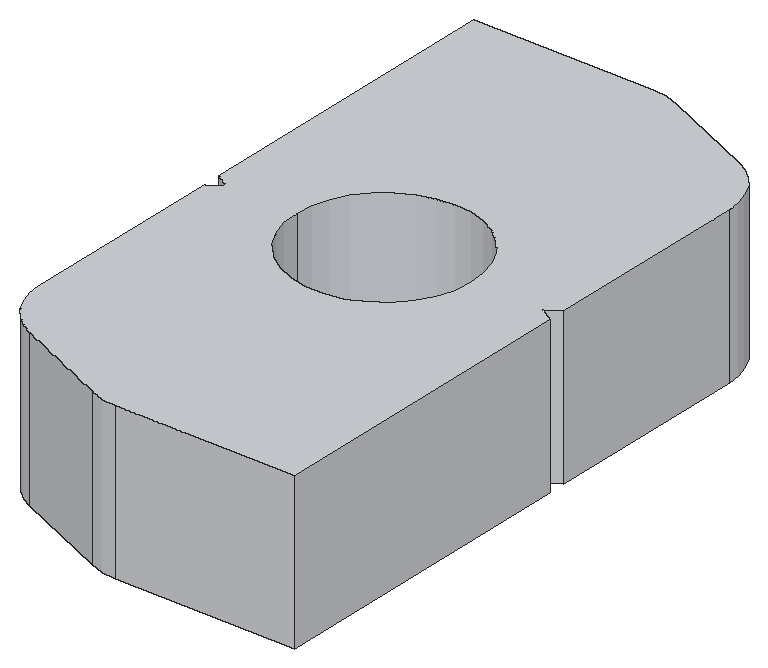
Revit family "Stex 45 MP-S", category HLS-Bauteile, Revit 2023
Family settings
  Bemaßung runder Anschluss = Durchmesser verwenden
  Klassifizierung = Keine
  Teiletyp = Normal
  Arbeitsebenenbasiert = Ja
  Immer vertikal = Nein
  Beim Laden mit Abzugskörper schneiden = Nein
  Beschriftungsausrichtung beibehalten = Nein
  Gemeinsam genutzt = Ja
  Raumberechnungspunkt = Nein
Parameters (values of type "Stex 45 MP-S M12")
  vpe = "50"
  Zahnplatte = Zahnplatte S : Zahnplatte S M12
  Default Elevation = 1219.2 mm
  Regelhalter [instance] = ""
  Profiltyp = "45"
  Profil = "C-Profil"
  Mengeneinheit = "St"
  Materialname = "S235"
  Material = "Stahl"
  Länge = 38 mm
  Kurztext2 = "M12 ZnNi"
  Kurztext1 = "Stex 45 Montageplatte MP-S "
  Gewinde = "M12"
  Gewicht pro Bauteil = Gewicht  # 0.0422 kg
  Gewicht = 0.0422 kg
  Form = "einschwenkbar"
  Fabrikat = "MEFA"
  EAN = "4250928466594"
  Breite = 62 mm
  Artikelnummer = "0818106"
Types (4, lengths in mm): name | Zahnplatte | Kurztext2 | Gewinde | Gewicht pro Bauteil | Gewicht | EAN | Artikelnummer
  (no name) | Zahnplatte S : Zahnplatte S M10 | "M10 ZnNi" | "M10" | 0.0445 kg | 0.0445 kg | "4250928466587" | "0818105"
  Stex 45 MP-S M12 | Zahnplatte S : Zahnplatte S M12 | "M12 ZnNi" | "M12" | 0.0422 kg | 0.0422 kg | "4250928466594" | "0818106"
  Stex 45 MP-S M10 | Zahnplatte S : Zahnplatte S M10 | "M10 ZnNi" | "M10" | 0.0445 kg | 0.0445 kg | "4250928466587" | "0818105"
  Stex 45 MP-S M8 | Zahnplatte S : Zahnplatte S M 8 | "M8 ZnNi" | "M8" | 0.0462 kg | 0.0462 kg | "4250928466570" | "0818104"
Reference planes
  plane 1 "Mitte (Vorne/hinten)": y = 0
  plane 2: z = 0
  plane 3 "Mitte (Links/rechts)": x = 0
Dimensions and locks
  aligned and locked: level to plane 2
  aligned and locked: nested 2 to nested 1
Nested families
  nested 1: "Halteteil Stex MP-S" at (0, 0, -15.3), type "Halteteil Stex MP-S"
    with Regelhalter ""
  nested 2: "Zahnplatte S" at (0, 0, -15.3), type <- "Zahnplatte", type "Zahnplatte S M12"
    with Regelhalter ""
Definition of nested family "Zahnplatte S"
  Parameters (values of type "Zahnplatte S M 8")
    vpe = "100"
    d2 = 3.3 mm
    Default Elevation = 1219.2 mm
    Stärke Material = 8 mm
    Schienenbreite = "45 mm"
    S = 9 mm
    Regelhalter [instance] = ""
    Profiltyp = "45"
    Profil = "C-Profil"
    Oberflaeche = "galvanisch verzinkt"
    Mengeneinheit = "St"
    Materialname = "S235"
    Material = "Stahl"
    Länge = 36 mm
    Kurztext2 = "M8 36 x 20 mm gvz"
    Kurztext1 = "Zahnplatte S"
    Gewinde = "M8"
    Gewicht pro Bauteil = Gewicht  # 0.0453 kg
    Gewicht = 0.0453 kg
    Form = "einschwenkbar"
    Firma = "MEFA Befestigungs- und Montagesysteme GmbH"
    Fabrikat = "MEFA"
    EAN = "4250928466600"
    Breite = 20 mm
    B = 38 mm
    Artikelnummer = "081810102"
    Abmessung = "36 x 20 x 9 mm"
  Types (3, lengths in mm): name | d2 | Kurztext2 | Gewinde | Gewicht pro Bauteil | Gewicht | EAN | Artikelnummer
    Zahnplatte S M10 | 4.2 | "M10 36 x 20 mm gvz" | "M10" | 0.0438 kg | 0.0438 kg | "4250928466617" | "081810202"
    Zahnplatte S M 8 | 3.3 | "M8 36 x 20 mm gvz" | "M8" | 0.0453 kg | 0.0453 kg | "4250928466600" | "081810102"
    Zahnplatte S M12 | 5.1 | "M12 36 x 20 mm gvz" | "M12" | 0.0404 kg | 0.0404 kg | "4250928466624" | "081810302"
  Reference planes
    plane 1 "Mitte (Vorne/hinten)": y = 0
    plane 2: z = 0
    plane 3 "Mitte (Links/rechts)": x = 0
    plane 4: z = 12
  Forms (mm)
    Extrusion 1, solid
      sketch origin (-17.5, 0, 0) x (1, 0, 0) y (0, 1, 0)
        loop
          line (17.864, 19) -> (7.5, 19) -> (7.5, 0.5) -> (8.3, 0) -> (7.5, -0.5) -> (7.5, -12.538)
          arc (7.5, -12.538) -> (8.153, -14.728) -> (9.899, -16.203) r 4
          line (9.899, -16.203) -> (15.534, -18.665)
          arc (15.534, -18.665) -> (16.318, -18.915) -> (17.136, -19) r 4
          line (17.136, -19) -> (27.5, -19) -> (27.5, -0.5) -> (26.7, 0) -> (27.5, 0.5) -> (27.5, 12.538)
          arc (27.5, 12.538) -> (26.847, 14.728) -> (25.101, 16.203) r 4
          line (25.101, 16.203) -> (19.466, 18.665)
          arc (19.466, 18.665) -> (18.682, 18.915) -> (17.864, 19) r 4
      from 0 to 9
    Extrusion 2, void
      sketch origin (0, 0, 0) x (1, 0, 0) y (0, 1, 0)
        loop
          circle (0, 0) r 3.3
      from -50 to 50
  Cuts and joins
    Extrusion 2 cuts Extrusion 1
  Dimensions and locks
    "B": Extrusion 1 sketch curve to Extrusion 1 sketch curve
    equal spacing: cut or joined group of Extrusion 1, Extrusion 2, plane 1 "Mitte (Vorne/hinten)", cut or joined group of Extrusion 1, Extrusion 2
    cut or joined group of Extrusion 1, Extrusion 2 to plane 4 = 12 mm
    "d2": radius of Extrusion 2 sketch curve
    diameter of cut or joined group of Extrusion 1, Extrusion 2 = 6.6 mm
    aligned and locked: level to plane 2
    aligned and locked: cut or joined group of Extrusion 1, Extrusion 2 to level
  Automatic sketch dimensions
    plane 1 "Mitte (Vorne/hinten)" to Extrusion 1 sketch curve = 0 mm  (x2)
    plane 1 "Mitte (Vorne/hinten)" to Extrusion 1 sketch curve = 0.5 mm  (x2)
    Extrusion 1 sketch curve to plane 3 "Mitte (Links/rechts)" = 10 mm  (x2)
    Extrusion 1 sketch curve to Extrusion 1 sketch curve = 0.8 mm  (x2)
    Extrusion 1 sketch curve to Extrusion 1 sketch curve = 2.399 mm
    Extrusion 1 sketch curve to Extrusion 1 sketch curve = 1.601 mm  (x3)
    Extrusion 1 sketch curve to plane 3 "Mitte (Links/rechts)" = 1.966 mm
    Extrusion 1 sketch curve to plane 3 "Mitte (Links/rechts)" = 0.364 mm
    plane 3 "Mitte (Links/rechts)" to Extrusion 1 sketch curve = 0.364 mm
    plane 3 "Mitte (Links/rechts)" to Extrusion 1 sketch curve = 6 mm
    plane 3 "Mitte (Links/rechts)" to Extrusion 1 sketch curve = 9.2 mm
    Extrusion 1 sketch curve to plane 1 "Mitte (Vorne/hinten)" = 0.5 mm  (x2)
    plane 3 "Mitte (Links/rechts)" to Extrusion 1 sketch curve = 10 mm
    plane 1 "Mitte (Vorne/hinten)" to Extrusion 1 sketch curve = 12.538 mm
    Extrusion 1 sketch curve to Extrusion 1 sketch curve = 2.462 mm
    Extrusion 1 sketch curve to Extrusion 1 sketch curve = 3.665 mm
    Extrusion 1 sketch curve to Extrusion 1 sketch curve = 6.462 mm
    Extrusion 1 sketch curve to Extrusion 1 sketch curve = 4 mm
    plane 1 "Mitte (Vorne/hinten)" to Extrusion 2 sketch curve = 0 mm
    Extrusion 2 sketch curve to plane 3 "Mitte (Links/rechts)" = 0 mm
Definition of nested family "Halteteil Stex MP-S"
  Parameters (values of type "Halteteil Stex MP-S")
    Default Elevation = 1219.2 mm
    Regelhalter [instance] = ""
    Gewicht pro Bauteil = Gewicht  # 0.00 kg
    Gewicht = 0.00 kg
    Artikelnummer = "9000882"
  Reference planes
    plane 1 "Mitte (Vorne/hinten)": y = 0
    plane 2: z = 0
    plane 3 "Mitte (Links/rechts)": x = 0
  Dimensions and locks
    aligned and locked: level to plane 2
